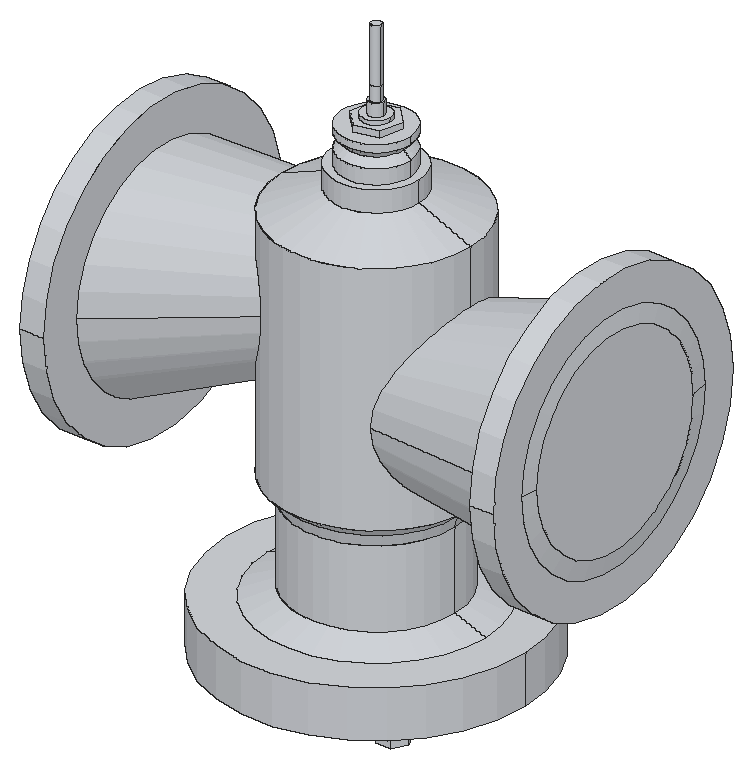
Revit family "2FGB-B_PN16_DN125_RFA_2019", category Pipe Accessories, Revit 2019
Family settings
  Round Connector Dimension = Use Diameter
  Part Type = Valve - Breaks Into
  Work Plane-Based = No
  Always vertical = Yes
  Cut with Voids When Loaded = No
  Shared = No
Parameters (values of type "2FGB-B PN16 DN125")
  magiProductId = ""
  magiProductFamilyId = ""
  magiPartTypeId = 306
  isMeasuringValve [instance] = no
  ang2D [instance] = 0.00°
  Z9 = 4.2 mm
  Z8 = 5.7 mm
  Z7 = 3 mm
  Z6 = 6 mm
  Z5 = 6 mm
  Z4 = 12 mm
  Z3 = 196.45 mm
  Z19 = 9.9 mm
  Z15 = 48.65 mm
  Z14__ve = -Z14  # -17.375 mm
  Z14 = 17.375 mm
  Z13 = 9.22 mm
  Z12 = 64.54 mm
  Z10 = 5.1 mm
  X4 = 39.6 mm
  X2__ve = -X2  # -19.8 mm
  X2 = 19.8 mm
  X1 = 2 mm
  W2D = 125 mm
  VersionID = ""
  Use Minimum Symbol Size [instance] = yes
  URL = "www.hydronix.cz"
  Type Comments = "Přírubový; EQM charakteristika; PN16; -10~+150°C; tlakově vyvážená kuželka"
  R9 = 4 mm
  R7 = 11.547 mm
  R6 = 19.246 mm
  R5 = 22.81 mm
  R4 = 28.512 mm
  R3 = 35.64 mm
  R2 = 68.625 mm
  R13 = 65.88 mm
  R12 = 6.062 mm
  R1 = 54.9 mm
  QmdConnectorList = "301;D;302;D"
  Productdata [instance] = "2FGB125B (DN125; PN16; kvs200; tlakově vyvážená kuželka)"
  Manufacturer = "Hydronix"
  Maintenance Zone Under Depth [instance] = 207 mm
  Maintenance Zone Right Depth [instance] = 175 mm
  Maintenance Zone Over Depth [instance] = 221 mm
  Maintenance Zone Left Depth [instance] = 175 mm
  Maintenance Zone Front Depth [instance] = 110 mm
  Maintenance Zone Back Depth [instance] = 110 mm
  Maintenance Zone Front Visibility [instance] = no
  LT2 = 200 mm
  L2D_Min = 3048 mm
  L2D = 400 mm
  HCDT2 = 91.5 mm
  H4 = 234 mm
  H3 = 139 mm
  H2 = 45 mm
  FDT2 = 125 mm
  Description = "2 cestný regulační ventil přírubový; DN125; PN16; kvs200; zdvih 45mm"
  D4 = 81.6 mm
  D3 = 96 mm
  D2 = 79.2 mm
  D = 125 mm
  CenSd_R6_6 = R6 * cos(30.00°)  # 16.667 mm
  CenSd_A_6 = A * cos(30.00°)  # 10.825 mm
  Clearance Zone Height Depth [instance] = 221 mm
  CZONC [instance] = 175 mm
  Clearance Zone Visibility [instance] = no
  B1 = 74.246 mm
  A = 12.5 mm
Types (5, lengths in mm): name | Z9 | Z8 | Z6 | Z5 | Z4 | Z3 | Z19 | Z15 | Z14__ve | Z14 | Z13 | Z12 | Z10 | X4 | X2__ve | X2 | W2D | R7 | R6 | R5 | R4 | R3 | R2 | R13 | R12 | R1 | Productdata | LT2 | L2D | HCDT2 | H4 | H3 | H2 | FDT2 | Description | D4 | D3 | D2 | D | CenSd_R6_6 | CenSd_A_6 | B1 | A
  2FGB-B PN16 DN100 | 4.165 | 5.602 | 5.95 | 5.95 | 11.9 | 168.575 | 9.767 | 40.775 | -14.562 | 14.562 | 8.12 | 56.84 | 5.082 | 34.6 | -17.3 | 17.3 | 100 | 10.089 | 16.816 | 19.93 | 24.912 | 31.14 | 57.375 | 55.08 | 5.297 | 45.9 | "2FGB100B (DN100; PN16; kvs130; tlakově vyvážená kuželka)" | 175 | 350 | 76.5 | 207 | 116.5 | 45 | 110 | "2 cestný regulační ventil přírubový; DN100; PN16; kvs130; zdvih 45mm" | 68.85 | 81 | 69.2 | 100 | 14.563 | 9.526 | 63.64 | 11
  2FGB-B PN16 DN080 | 4.2 | 5.7 | 6 | 6 | 12 | 151.95 | 9.9 | 36.75 | -13.125 | 13.125 | 7.32 | 51.24 | 5.1 | 30.6 | -15.3 | 15.3 | 80 | 8.923 | 14.872 | 17.626 | 22.032 | 27.54 | 49.875 | 47.88 | 4.685 | 39.9 | "2FGB80B (DN80; PN16; kvs100; tlakově vyvážená kuželka)" | 155 | 310 | 66.5 | 187 | 105 | 45 | 100 | "2 cestný regulační ventil přírubový; DN80; PN16; kvs100; zdvih 45mm" | 60.35 | 71 | 61.2 | 80 | 12.879 | 8.66 | 56.569 | 10
  2FGB-B PN16 DN065 | 4.2 | 5.7 | 6 | 6 | 12 | 139.45 | 9.9 | 33.25 | -11.875 | 11.875 | 6.82 | 47.74 | 5.1 | 28.6 | -14.3 | 14.3 | 65 | 8.34 | 13.9 | 16.474 | 20.592 | 25.74 | 44.25 | 42.48 | 4.378 | 35.4 | "2FGB65B (DN65; PN16; kvs63; tlakově vyvážená kuželka)" | 145 | 290 | 59 | 175 | 95 | 25 | 92.5 | "2 cestný regulační ventil přírubový; DN65; PN16; kvs63; zdvih 25mm" | 53.975 | 63.5 | 57.2 | 65 | 12.037 | 8.011 | 51.265 | 9.25
  2FGB-B PN16 DN150 | 4.2 | 5.7 | 6 | 6 | 12 | 227.45 | 9.9 | 54.95 | -19.625 | 19.625 | 10.97 | 76.79 | 5.1 | 47.6 | -23.8 | 23.8 | 150 | 13.88 | 23.134 | 27.418 | 34.272 | 42.84 | 77.625 | 74.52 | 7.287 | 62.1 | "2FGB150B (DN150; PN16; kvs300; tlakově vyvážená kuželka)" | 240 | 480 | 103.5 | 277 | 157 | 45 | 142.5 | "2 cestný regulační ventil přírubový; DN150; PN16; kvs300; zdvih 45mm" | 92.65 | 109 | 95.2 | 150 | 20.034 | 12.341 | 84.853 | 14.25
  2FGB-B PN16 DN125 | 4.2 | 5.7 | 6 | 6 | 12 | 196.45 | 9.9 | 48.65 | -17.375 | 17.375 | 9.22 | 64.54 | 5.1 | 39.6 | -19.8 | 19.8 | 125 | 11.547 | 19.246 | 22.81 | 28.512 | 35.64 | 68.625 | 65.88 | 6.062 | 54.9 | "2FGB125B (DN125; PN16; kvs200; tlakově vyvážená kuželka)" | 200 | 400 | 91.5 | 234 | 139 | 45 | 125 | "2 cestný regulační ventil přírubový; DN125; PN16; kvs200; zdvih 45mm" | 81.6 | 96 | 79.2 | 125 | 16.667 | 10.825 | 74.246 | 12.5
Reference planes
  plane 1 "Center (Front/Back)": y = 0
  plane 2 "XYPLANE": z = 0
  plane 3 "Center (Left/Right)": x = 0
  plane 4 "234": y = -74.246
  plane 5 "233": x = 74.246
  plane 6 "232": x = -74.246
  plane 7 "231": y = 74.246
  plane 8 "225": z = -224
  plane 9 "223": z = 221
  plane 10 "221": x = -175
  plane 11 "220": x = 175
  plane 12 "219": y = -110
  plane 13 "218": y = 110
  plane 14 "196": z = -207
  plane 15 "182": z = 199
  plane 16 "161": z = 187
  plane 17 "158": z = 181.3
  plane 18 "150": z = 177.1
  plane 19 "148": z = 174.1
  plane 20 "142": z = 169
  plane 21 "136": z = 163
  plane 22 "135": z = 157
  plane 23 "131": z = 151
  plane 24 "78": z = 104.25
  plane 25 "77": z = 121.625
  plane 26 "74": z = 139
  plane 27 "70": z = -92.2
  plane 28 "65": z = -101.42
  plane 29 "64": z = -110.64
  plane 30 "58": z = -175.18
  plane 31 "57": z = -184.4
  plane 32 "46": z = -234
  plane 33 "28": x = 178.2
  plane 34 "27": x = 198
  plane 35 "21": z = -20
  plane 36 "16": z = 48.65
  plane 37 "13": x = -178.2
  plane 38 "7": x = -198
  plane 39 "6": x = 200
  plane 40 "5": x = -200
  plane 41 "3": y = 0
  plane 42 "2": z = 0
  plane 43 "1": x = 0
Forms (mm)
  Extrusion 1, solid
    sketch origin (-750, 0, -234) x (1, 0, 0) y (0, 1, 0)
      loop
        line (836.746, -74.246) -> (830.496, -63.421) -> (817.996, -63.421) -> (811.746, -74.246) -> (817.996, -85.072) -> (830.496, -85.072) -> (836.746, -74.246)
    from 0 to 10
  Extrusion 2, solid
    sketch origin (-750, 0, -234) x (1, 0, 0) y (0, 1, 0)
      loop
        line (688.254, -74.246) -> (682.004, -63.421) -> (669.504, -63.421) -> (663.254, -74.246) -> (669.504, -85.072) -> (682.004, -85.072) -> (688.254, -74.246)
    from 0 to 10
  Extrusion 3, solid
    sketch origin (-750, 0, -234) x (1, 0, 0) y (0, 1, 0)
      loop
        line (836.746, 74.246) -> (830.496, 85.072) -> (817.996, 85.072) -> (811.746, 74.246) -> (817.996, 63.421) -> (830.496, 63.421) -> (836.746, 74.246)
    from 0 to 10
  Extrusion 4, solid
    sketch origin (-750, 0, -234) x (1, 0, 0) y (0, 1, 0)
      loop
        line (688.254, 74.246) -> (682.004, 85.072) -> (669.504, 85.072) -> (663.254, 74.246) -> (669.504, 63.421) -> (682.004, 63.421) -> (688.254, 74.246)
    from 0 to 10
  Blend 5, solid, visible <- "Maintenance Zone Front Visibility"
    base sketch origin (-750, 0, 221) x (1, 0, 0) y (0, 1, 0)
      loop
        line (575, 110) -> (575, -110) -> (925, -110) -> (925, 110) -> (575, 110)
    top sketch origin (-750, 0, 221) x (1, 0, 0) y (0, 1, 0)
      loop
        line (575, 110) -> (575, -110) -> (925, -110) -> (925, 110) -> (575, 110)
    from 0 to -428
  Extrusion 6, solid, visible <- "Clearance Zone Visibility"
    sketch origin (-750, 0, 0) x (1, 0, 0) y (0, 1, 0)
      loop
        circle (750, 0) r 175
    from 0 to 221 <- "Clearance Zone Height Depth"
  Extrusion 7, solid
    sketch origin (-750, 0, 177.1) x (1, 0, 0) y (0, 1, 0)
      loop
        circle (750, 0) r 6.062
    from 0 to 9.9 <- "Z19"
  Extrusion 8, solid
    sketch origin (-750, 0, 199) x (1, 0, 0) y (0, 1, 0)
      loop
        circle (750, 0) r 4
    from 0 to 45 <- "H2"
  Extrusion 9, solid
    sketch origin (-750, 0, 187) x (1, 0, 0) y (0, 1, 0)
      loop
        circle (750, 0) r 4
    from 0 to 12 <- "Z4"
  Extrusion 10, solid
    sketch origin (-750, 0, 174.1) x (1, 0, 0) y (0, 1, 0)
      loop
        circle (750, 0) r 11.547
    from 0 to 3 <- "Z7"
  Extrusion 11, solid
    sketch origin (-750, 0, 169) x (1, 0, 0) y (0, 1, 0)
      loop
        line (763.609, -13.609) -> (768.59, 4.981) -> (754.981, 18.59) -> (736.391, 13.609) -> (731.41, -4.981) -> (745.019, -18.59) -> (763.609, -13.609)
    from 0 to 5.1 <- "Z10"
  Extrusion 12, solid
    sketch origin (-750, 0, 163) x (1, 0, 0) y (0, 1, 0)
      loop
        circle (750, 0) r 28.512
    from 0 to 6 <- "Z6"
  Blend 13, solid
    base sketch origin (-750, 0, 157) x (1, 0, 0) y (0, 1, 0)
      loop
        circle (750, 0) r 22.81
    top sketch origin (-750, 0, 157) x (1, 0, 0) y (0, 1, 0)
      loop
        circle (750, 0) r 28.512
    from 0 to 6
  Blend 14, solid
    base sketch origin (-750, 0, 151) x (1, 0, 0) y (0, 1, 0)
      loop
        circle (750, 0) r 28.512
    top sketch origin (-750, 0, 151) x (1, 0, 0) y (0, 1, 0)
      loop
        circle (750, 0) r 22.81
    from 0 to 6
  Extrusion 15, solid
    sketch origin (-750, 0, 139) x (1, 0, 0) y (0, 1, 0)
      loop
        circle (750, 0) r 28.512
    from 0 to 12 <- "Z4"
  Extrusion 16, solid
    sketch origin (-750, 0, 139) x (1, 0, 0) y (0, 1, 0)
      loop
        circle (750, 0) r 35.64
    from 0 to -17.375 <- "Z14__ve"
  Blend 17, solid
    base sketch origin (-750, 0, 104.25) x (1, 0, 0) y (0, 1, 0)
      loop
        circle (750, 0) r 79.2
    top sketch origin (-750, 0, 104.25) x (1, 0, 0) y (0, 1, 0)
      loop
        circle (750, 0) r 35.64
    from 0 to 17.375
  Blend 18, solid
    base sketch origin (-750, 0, -101.42) x (1, 0, 0) y (0, 1, 0)
      loop
        circle (750, 0) r 68.625
    top sketch origin (-750, 0, -101.42) x (1, 0, 0) y (0, 1, 0)
      loop
        circle (750, 0) r 79.2
    from 0 to 9.22
  Blend 19, solid
    base sketch origin (-750, 0, -110.64) x (1, 0, 0) y (0, 1, 0)
      loop
        circle (750, 0) r 65.88
    top sketch origin (-750, 0, -110.64) x (1, 0, 0) y (0, 1, 0)
      loop
        circle (750, 0) r 68.625
    from 0 to 9.22
  Extrusion 20, solid
    sketch origin (-750, 0, -175.18) x (1, 0, 0) y (0, 1, 0)
      loop
        circle (750, 0) r 65.88
    from 0 to 64.54 <- "Z12"
  Blend 21, solid
    base sketch origin (-750, 0, -184.4) x (1, 0, 0) y (0, 1, 0)
      loop
        circle (750, 0) r 91.5
    top sketch origin (-750, 0, -184.4) x (1, 0, 0) y (0, 1, 0)
      loop
        circle (750, 0) r 65.88
    from 0 to 9.22
  Extrusion 22, solid
    sketch origin (-750, 0, -224) x (1, 0, 0) y (0, 1, 0)
      loop
        circle (750, 0) r 125
    from 0 to 39.6 <- "X4"
  Blend 23, solid
    base sketch origin (198, -750, 0) x (0, 1, 0) y (0, 0, 1)
      loop
        circle (750, 0) r 96
    top sketch origin (198, -750, 0) x (0, 1, 0) y (0, 0, 1)
      loop
        circle (750, 0) r 81.6
    from 0 to 2
  Blend 24, solid
    base sketch origin (-200, -750, 0) x (0, 1, 0) y (0, 0, 1)
      loop
        circle (750, 0) r 81.6
    top sketch origin (-200, -750, 0) x (0, 1, 0) y (0, 0, 1)
      loop
        circle (750, 0) r 96
    from 0 to 2
  Extrusion 25, solid
    sketch origin (198, -750, 0) x (0, 1, 0) y (0, 0, 1)
      loop
        circle (750, 0) r 125
    from 0 to -19.8 <- "X2__ve"
  Blend 26, solid
    base sketch origin (0, -750, 0) x (0, 1, 0) y (0, 0, 1)
      loop
        circle (750, -20) r 54.9
    top sketch origin (0, -750, 0) x (0, 1, 0) y (0, 0, 1)
      loop
        circle (750, 0) r 91.5
    from 0 to 178.2
  Extrusion 27, solid
    sketch origin (-750, 0, -92.2) x (1, 0, 0) y (0, 1, 0)
      loop
        circle (750, 0) r 79.2
    from 0 to 196.45 <- "Z3"
  Blend 28, solid
    base sketch origin (-178.2, -750, 0) x (0, 1, 0) y (0, 0, 1)
      loop
        circle (750, 0) r 91.5
    top sketch origin (-178.2, -750, 0) x (0, 1, 0) y (0, 0, 1)
      loop
        circle (750, 48.65) r 54.9
    from 0 to 178.2
  Extrusion 29, solid
    sketch origin (-198, -750, 0) x (0, 1, 0) y (0, 0, 1)
      loop
        circle (750, 0) r 125
    from 0 to 19.8 <- "X2"
  Extrusion 30, solid, not visible
    sketch origin (200, -750, 0) x (0, 1, 0) y (0, 0, 1)
      loop
        circle (750, 0) r 10
    from 0 to -10
  Extrusion 31, solid, not visible
    sketch origin (-200, -750, 0) x (0, 1, 0) y (0, 0, 1)
      loop
        circle (750, 0) r 10
    from 0 to 10
Lines and regions (mm)
  reference lines, not visible
    curve 1: circle (2, 2, 0) r 1 normal (0, 0, 1)
  reference lines
    curve 2: line (74.246, -74.246, -234) -> (71.496, -69.483, -234)
    curve 3: line (74.246, -74.246, -234) -> (68.746, -74.246, -234)
    curve 4: line (74.246, -74.246, -234) -> (71.496, -79.009, -234)
    curve 5: line (-74.246, -74.246, -234) -> (-76.996, -69.483, -234)
    curve 6: line (-74.246, -74.246, -234) -> (-79.746, -74.246, -234)
    curve 7: line (-74.246, -74.246, -234) -> (-76.996, -79.009, -234)
    curve 8: line (74.246, 74.246, -234) -> (71.496, 79.009, -234)
    curve 9: line (74.246, 74.246, -234) -> (68.746, 74.246, -234)
    curve 10: line (74.246, 74.246, -234) -> (71.496, 69.483, -234)
    curve 11: line (-74.246, 74.246, -234) -> (-76.996, 79.009, -234)
    curve 12: line (-74.246, 74.246, -234) -> (-79.746, 74.246, -234)
    curve 13: line (-74.246, 74.246, -234) -> (-76.996, 69.483, -234)
    curve 14: line (0, 0, 169) -> (2.176, 8.121, 169)
    curve 15: line (0, 0, 169) -> (-5.945, 5.945, 169)
    curve 16: line (0, 0, 169) -> (-8.121, -2.176, 169)
Dimensions and locks
  plane 1 "Center (Front/Back)" to curve 1 = 2 mm
  "B1": plane 1 "Center (Front/Back)" to plane 4 "234"
  "B1": plane 3 "Center (Left/Right)" to plane 5 "233"
  "B1": plane 3 "Center (Left/Right)" to plane 6 "232"
  "B1": plane 1 "Center (Front/Back)" to plane 7 "231"
  locked: plane 32 "46" to plane 8 "225" at 10
  "Maintenance Zone Over Depth": plane 2 "XYPLANE" to plane 9 "223"
  "Maintenance Zone Left Depth": plane 3 "Center (Left/Right)" to plane 10 "221"
  "Maintenance Zone Right Depth": plane 3 "Center (Left/Right)" to plane 11 "220"
  "Maintenance Zone Front Depth": plane 1 "Center (Front/Back)" to plane 12 "219"
  "Maintenance Zone Back Depth": plane 1 "Center (Front/Back)" to plane 13 "218"
  "Maintenance Zone Under Depth": plane 2 "XYPLANE" to plane 14 "196"
  "Z4": plane 16 "161" to plane 15 "182"
  "Z8": plane 17 "158" to plane 16 "161"
  "Z9": plane 18 "150" to plane 17 "158"
  "Z7": plane 19 "148" to plane 18 "150"
  "Z10": plane 20 "142" to plane 19 "148"
  "Z6": plane 21 "136" to plane 20 "142"
  "Z5": plane 22 "135" to plane 21 "136"
  "Z5": plane 23 "131" to plane 22 "135"
  "Z4": plane 26 "74" to plane 23 "131"
  "Z14": plane 25 "77" to plane 24 "78"
  "Z14": plane 26 "74" to plane 25 "77"
  "H3": plane 2 "XYPLANE" to plane 26 "74"
  "Z13": plane 28 "65" to plane 27 "70"
  "Z13": plane 29 "64" to plane 28 "65"
  "Z12": plane 30 "58" to plane 29 "64"
  "Z13": plane 31 "57" to plane 30 "58"
  "X4": plane 8 "225" to plane 31 "57"
  "H4": plane 2 "XYPLANE" to plane 32 "46"
  "X2": plane 34 "27" to plane 33 "28"
  "X1": plane 39 "6" to plane 34 "27"
  locked: plane 42 "2" to plane 35 "21" at 20
  "Z15": plane 42 "2" to plane 36 "16"
  "X2": plane 38 "7" to plane 37 "13"
  "X1": plane 40 "5" to plane 38 "7"
  "LT2": plane 3 "Center (Left/Right)" to plane 39 "6"
  "LT2": plane 3 "Center (Left/Right)" to plane 40 "5"
  locked: plane 1 "Center (Front/Back)" to plane 41 "3"
  locked: plane 2 "XYPLANE" to plane 42 "2"
  locked: plane 3 "Center (Left/Right)" to plane 43 "1"
  "CenSd_A_6": curve 2 to Extrusion 1 sketch curve  (x2)
  "CenSd_A_6": curve 3 to Extrusion 1 sketch curve  (x2)
  "CenSd_A_6": curve 4 to Extrusion 1 sketch curve  (x2)
  "CenSd_A_6": curve 5 to Extrusion 2 sketch curve  (x2)
  "CenSd_A_6": curve 6 to Extrusion 2 sketch curve  (x2)
  "CenSd_A_6": curve 7 to Extrusion 2 sketch curve  (x2)
  "CenSd_A_6": curve 8 to Extrusion 3 sketch curve  (x2)
  "CenSd_A_6": curve 9 to Extrusion 3 sketch curve  (x2)
  "CenSd_A_6": curve 10 to Extrusion 3 sketch curve  (x2)
  "CenSd_A_6": curve 11 to Extrusion 4 sketch curve  (x2)
  "CenSd_A_6": curve 12 to Extrusion 4 sketch curve  (x2)
  "CenSd_A_6": curve 13 to Extrusion 4 sketch curve  (x2)
  "CenSd_R6_6": curve 14 to Extrusion 11 sketch curve  (x2)
  "CenSd_R6_6": curve 15 to Extrusion 11 sketch curve  (x2)
  "CenSd_R6_6": curve 16 to Extrusion 11 sketch curve  (x2)
  "CZONC": radius of Extrusion 6 sketch curve
  "R12": radius of Extrusion 7 sketch curve
  "R9": radius of Extrusion 8 sketch curve
  "R9": radius of Extrusion 9 sketch curve
  "R7": radius of Extrusion 10 sketch curve
  "R4": radius of Extrusion 12 sketch curve
  "R4": radius of Blend 13 sketch curve
  "R5": radius of Blend 13 sketch curve
  "R5": radius of Blend 14 sketch curve
  "R4": radius of Blend 14 sketch curve
  "R4": radius of Extrusion 15 sketch curve
  "R3": radius of Extrusion 16 sketch curve
  "R3": radius of Blend 17 sketch curve
  "D2": radius of Blend 17 sketch curve
  "D2": radius of Blend 18 sketch curve
  "R2": radius of Blend 18 sketch curve
  "R2": radius of Blend 19 sketch curve
  "R13": radius of Blend 19 sketch curve
  "R13": radius of Extrusion 20 sketch curve
  "R13": radius of Blend 21 sketch curve
  "HCDT2": radius of Blend 21 sketch curve
  "FDT2": radius of Extrusion 22 sketch curve
  "D4": radius of Blend 23 sketch curve
  "D3": radius of Blend 23 sketch curve
  "D3": radius of Blend 24 sketch curve
  "D4": radius of Blend 24 sketch curve
  "FDT2": radius of Extrusion 25 sketch curve
  "HCDT2": radius of Blend 26 sketch curve
  "R1": radius of Blend 26 sketch curve
  "D2": radius of Extrusion 27 sketch curve
  "R1": radius of Blend 28 sketch curve
  "HCDT2": radius of Blend 28 sketch curve
  "FDT2": radius of Extrusion 29 sketch curve
  locked: curve 3 to curve 2 (angle 60.00°)
  locked: curve 4 to curve 3 (angle 60.00°)
  locked: curve 4 to curve 2 (angle 120.00°)
  locked: curve 6 to curve 5 (angle 60.00°)
  locked: curve 7 to curve 6 (angle 60.00°)
  locked: curve 7 to curve 5 (angle 120.00°)
  locked: curve 9 to curve 8 (angle 60.00°)
  locked: curve 10 to curve 9 (angle 60.00°)
  locked: curve 10 to curve 8 (angle 120.00°)
  locked: curve 12 to curve 11 (angle 60.00°)
  locked: curve 13 to curve 12 (angle 60.00°)
  locked: curve 13 to curve 11 (angle 120.00°)
  locked: curve 15 to curve 14 (angle 60.00°)
  locked: curve 16 to curve 15 (angle 60.00°)
  locked: curve 16 to curve 14 (angle 120.00°)
  aligned and locked: level to plane 2 "XYPLANE"
  aligned and locked: plane 4 "234" to curve 2
  aligned and locked: plane 5 "233" to curve 2
  aligned and locked: plane 4 "234" to curve 5
  aligned and locked: plane 6 "232" to curve 5
  aligned and locked: plane 5 "233" to curve 8
  aligned and locked: plane 7 "231" to curve 8
  aligned and locked: plane 6 "232" to curve 11
  aligned and locked: plane 7 "231" to curve 11
  aligned and locked: plane 13 "218" to Blend 5 sketch curve  (x4)
  aligned and locked: plane 12 "219" to Blend 5 sketch curve  (x4)
  aligned and locked: plane 10 "221" to Blend 5 sketch curve  (x4)
  aligned and locked: plane 11 "220" to Blend 5 sketch curve  (x4)
  aligned and locked: Blend 5 to plane 14 "196"
  aligned and locked: plane 41 "3" to Extrusion 6 sketch curve
  aligned and locked: plane 43 "1" to Extrusion 6 sketch curve
  aligned and locked: plane 41 "3" to Extrusion 7 sketch curve
  aligned and locked: plane 43 "1" to Extrusion 7 sketch curve
  aligned and locked: plane 41 "3" to Extrusion 8 sketch curve
  aligned and locked: plane 43 "1" to Extrusion 8 sketch curve
  aligned and locked: plane 41 "3" to Extrusion 9 sketch curve
  aligned and locked: plane 43 "1" to Extrusion 9 sketch curve
  aligned and locked: plane 41 "3" to Extrusion 10 sketch curve
  aligned and locked: plane 43 "1" to Extrusion 10 sketch curve
  aligned and locked: plane 41 "3" to curve 14
  aligned and locked: plane 43 "1" to curve 14
  aligned and locked: plane 41 "3" to Extrusion 12 sketch curve
  aligned and locked: plane 43 "1" to Extrusion 12 sketch curve
  aligned and locked: plane 41 "3" to Blend 13 sketch curve  (x2)
  aligned and locked: plane 43 "1" to Blend 13 sketch curve  (x2)
  aligned and locked: plane 21 "136" to Blend 13
  aligned and locked: plane 41 "3" to Blend 14 sketch curve  (x2)
  aligned and locked: plane 43 "1" to Blend 14 sketch curve  (x2)
  aligned and locked: plane 22 "135" to Blend 14
  aligned and locked: plane 41 "3" to Extrusion 15 sketch curve
  aligned and locked: plane 43 "1" to Extrusion 15 sketch curve
  aligned and locked: plane 41 "3" to Extrusion 16 sketch curve
  aligned and locked: plane 43 "1" to Extrusion 16 sketch curve
  aligned and locked: plane 41 "3" to Blend 17 sketch curve  (x2)
  aligned and locked: plane 43 "1" to Blend 17 sketch curve  (x2)
  aligned and locked: plane 25 "77" to Blend 17
  aligned and locked: plane 41 "3" to Blend 18 sketch curve  (x2)
  aligned and locked: plane 43 "1" to Blend 18 sketch curve  (x2)
  aligned and locked: plane 27 "70" to Blend 18
  aligned and locked: plane 41 "3" to Blend 19 sketch curve  (x2)
  aligned and locked: plane 43 "1" to Blend 19 sketch curve  (x2)
  aligned and locked: plane 28 "65" to Blend 19
  aligned and locked: plane 41 "3" to Extrusion 20 sketch curve
  aligned and locked: plane 43 "1" to Extrusion 20 sketch curve
  aligned and locked: plane 41 "3" to Blend 21 sketch curve  (x2)
  aligned and locked: plane 43 "1" to Blend 21 sketch curve  (x2)
  aligned and locked: plane 30 "58" to Blend 21
  aligned and locked: plane 41 "3" to Extrusion 22 sketch curve
  aligned and locked: plane 43 "1" to Extrusion 22 sketch curve
  aligned and locked: Blend 23 sketch curve to plane 41 "3"  (x2)
  aligned and locked: plane 42 "2" to Blend 23 sketch curve  (x2)
  aligned and locked: plane 39 "6" to Blend 23
  aligned and locked: Blend 24 sketch curve to plane 41 "3"  (x2)
  aligned and locked: plane 42 "2" to Blend 24 sketch curve  (x2)
  aligned and locked: plane 38 "7" to Blend 24
  aligned and locked: Extrusion 25 sketch curve to plane 41 "3"
  aligned and locked: plane 42 "2" to Extrusion 25 sketch curve
  aligned and locked: Blend 26 sketch curve to plane 41 "3"  (x2)
  aligned and locked: plane 42 "2" to Blend 26 sketch curve
  aligned and locked: plane 35 "21" to Blend 26 sketch curve
  aligned and locked: plane 33 "28" to Blend 26
  aligned and locked: plane 41 "3" to Extrusion 27 sketch curve
  aligned and locked: plane 43 "1" to Extrusion 27 sketch curve
  aligned and locked: plane 36 "16" to Blend 28 sketch curve
  aligned and locked: plane 41 "3" to Blend 28 sketch curve
  aligned and locked: Blend 28 sketch curve to plane 41 "3"
  aligned and locked: plane 42 "2" to Blend 28 sketch curve
  aligned and locked: plane 43 "1" to Blend 28
  aligned and locked: Extrusion 29 sketch curve to plane 41 "3"
  aligned and locked: plane 42 "2" to Extrusion 29 sketch curve
  aligned and locked: Extrusion 30 sketch curve to plane 41 "3"
  aligned and locked: plane 42 "2" to Extrusion 30 sketch curve
  aligned and locked: Extrusion 31 sketch curve to plane 41 "3"
  aligned and locked: plane 42 "2" to Extrusion 31 sketch curve
Automatic sketch dimensions
  plane 1 "Center (Front/Back)" to curve 16 = 2.176 mm
  plane 1 "Center (Front/Back)" to Extrusion 30 sketch curve = 10 mm
  plane 1 "Center (Front/Back)" to Extrusion 31 sketch curve = 10 mm
  plane 3 "Center (Left/Right)" to curve 1 = 2 mm
  radius of curve 1 = 1 mm
Connectors
  piping at (-200, 0, 0), diameter 125, driven by "D"
    settings: on Extrusion 31, index 1, connector inside diameter 609.6 mm, connector length 0 mm, flow factor 0, pipe flow 0.0 L/s, pressure drop 0.0 Pa, fitting loss kfactor 0, connector angle 0.00°, fixture units 0, engagement length 0 mm, angle of deflection 0.00°, flow configuration 0, flow direction 0, fitting loss method 0, system type 29, joint type 0, gender type 0, connector reference index 2, connector utility 0, adjustable connector no, is connector primary yes, connector description ""
  piping at (200, 0, 0), diameter 125, driven by "D"
    settings: on Extrusion 30, index 2, connector inside diameter 609.6 mm, connector length 0 mm, flow factor 0, pipe flow 0.0 L/s, pressure drop 0.0 Pa, fitting loss kfactor 0, connector angle 0.00°, fixture units 0, engagement length 0 mm, angle of deflection 0.00°, flow configuration 0, flow direction 0, fitting loss method 0, system type 29, joint type 0, gender type 0, connector reference index 1, connector utility 0, adjustable connector no, is connector primary no, connector description ""
